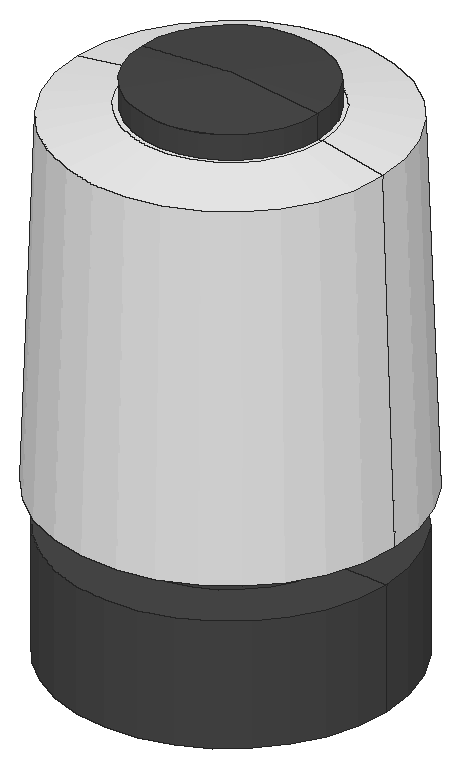
Revit family "TWA-K_RFA_1", category Pipe Accessories, Revit 2019
Family settings
  Round Connector Dimension = Use Diameter
  Part Type = Normal
  OmniClass Number = 23.65.55.14.17
  OmniClass Title = Adjusting/Controlling Valves for Liquid Services
  Work Plane-Based = No
  Always vertical = Yes
  Cut with Voids When Loaded = No
  Shared = Yes
Parameters (values of type "TWA-K_24V_NC_0.95m_088H3140")
  Weight = 0.13 kg
  W = L  # 40.50 mm
  Voltage [instance] = 24 V
  URL = "https://store.danfoss.com/en/Climate-Solutions-for-heating/Hydronic-floor-heating/Thermal-actuators/c/4218?q=%3Arelevance%3Adanfoss_producttypehierarchydesc%3ATWA-K%3Adanfoss_a1195338584%3AA1195_338584aed5a1b84b32adae464f9231043fe7cb&page=0&pageSize=10"
  Power [instance] = 2 VA  # constant formula
  Model Type = "TWA-K_24V_NC_0.95m"
  Model = "088H3140"
  Min Ambient Temperature = "0 °C"  # constant formula
  Max Ambient Temperature = "60 °C"  # constant formula
  Manufacturer = "Danfoss"  # constant formula
  LOD 350 [instance] = not(LOD 200)  # yes
  LOD 200 [instance] = no
  L = 40.50 mm  # constant formula
  IfcExportType = "TWA-K"  # constant formula
  IfcExportAs = "IfcActuatorType"  # constant formula
  H = 63.85 mm  # constant formula
  Function = "NC"
  Description = "Thermal Actuator"  # constant formula
  Control Input Signal = "On/Off"  # constant formula
  Connection = "M30 x 1.5"  # constant formula
  Closing and Opening Time = "3 min"  # constant formula
  Cable Length = 950.00 mm
  Body Material = Danfoss Plastic White
Types (9, lengths in mm): name | Weight | Voltage | Model Type | Model | Function | Cable Length
  TWA-K_24V_NC_0.95m_088H3140 | 0.13 kg | 24 V | "TWA-K_24V_NC_0.95m" | "088H3140" | "NC" | 950.00
  TWA-K_24V_NO_0.95m_088H3141 | 0.13 kg | 24 V | "TWA-K_24V_NO_0.95m" | "088H3141" | "NO" | 950.00
  TWA-K_230V_NC/S_0.95m_088H3105 | 0.136 kg | 230 V | "TWA-K_230V_NC/S_0.95m" | "088H3105" | "NC (with end-switch)" | 950.00
  TWA-K_230V_NC_0.95m_088H3142 | 0.125 kg | 230 V | "TWA-K_230V_NC_0.95m" | "088H3142" | "NC" | 950.00
  TWA-K_230V_NO_0.95m_088H3143 | 0.125 kg | 230 V | "TWA-K_230V_NO_0.95m" | "088H3143" | "NO" | 950.00
  TWA-K_24V_NC_5m_088H3146 | 0.276 kg | 24 V | "TWA-K_24V_NC_5m" | "088H3146" | "NC" | 5000.00
  TWA-K_24V_NC_10m_088H3149 | 0.455 kg | 24 V | "TWA-K_24V_NC_10m" | "088H3149" | "NC" | 10000.00
  TWA-K_230V_NC_5m_088H3148 | 0.285 kg | 230 V | "TWA-K_230V_NC_5m" | "088H3148" | "NC" | 5000.00
  TWA-K_230V_NC_10m_088H3147 | 0.457 kg | 230 V | "TWA-K_230V_NC_10m" | "088H3147" | "NC" | 10000.00
Reference planes
  plane 1 "Center (Front/Back)": y = 0
  plane 2: z = 0
  plane 3 "Center (Left/Right)": x = 0
  plane 4: z = 18.5
  plane 5: z = 63.85
  plane 6: z = 5
  plane 7: x = -20.25
  plane 8: x = 20.25
Forms (mm)
  Revolve 1, solid, material "Danfoss Plastic Black", visible <- "LOD 350", detail levels fine
    sketch origin (0, 0, 0) x (1, 0, 0) y (0, 0, 1)
      loop
        line (0, 63.85) -> (0, 0) -> (19.25, 0) -> (19.25, 14.029) -> (12.999, 14.029) -> (12.999, 18.5) -> (10.8, 18.5) -> (10.8, 62.963)
        arc (10.8, 62.963) -> (5.419, 63.644) -> (0, 63.85) r 61.779
      axis (0, 63.85) -> (0, 0)
    angle from 0 to 360
  Revolve 2, solid, material "Danfoss Plastic White" <- "Body Material", visible <- "LOD 350", detail levels fine
    sketch origin (0, 0, 0) x (1, 0, 0) y (0, 0, 1)
      loop
        line (0, 60.035) -> (-11.366, 60.217) -> (-18.836, 58.943) -> (-20.248, 18.5) -> (0, 18.5) -> (0, 60.035)
      axis (0, 18.5) -> (0, 60.217)
    angle from 0 to 360
  Revolve 3, solid, material "Danfoss Plastic White" <- "Body Material", visible <- "LOD 200", detail levels fine
    sketch origin (0, 0, 0) x (1, 0, 0) y (0, 0, 1)
      loop
        line (0, 60.341) -> (-20.3, 60.341) -> (-20.3, 18.5) -> (0, 18.5) -> (0, 60.341)
      axis (0, 18.5) -> (0, 60.341)
    angle from 0 to 360
  Revolve 4, solid, material "Danfoss Plastic Black", visible <- "LOD 200", detail levels fine
    sketch origin (0, 0, 0) x (1, 0, 0) y (0, 0, 1)
      loop
        line (0, 63.85) -> (0, 0) -> (19.25, 0) -> (19.25, 14.029) -> (12.999, 14.029) -> (12.999, 18.5) -> (10.8, 18.5) -> (10.8, 63.85) -> (0, 63.85)
      axis (0, 0) -> (0, 63.85)
    angle from 0 to 360
Dimensions and locks
  "H": plane 5 to level
  locked: plane 4 to plane 2 at 18.5
  plane 6 to plane 2 = 5.00 mm
  Revolve 1 sketch curve to plane 3 "Center (Left/Right)" = 10.80 mm
  plane 3 "Center (Left/Right)" to Revolve 1 sketch curve = 19.25 mm
  locked: plane 3 "Center (Left/Right)" to Revolve 2 sketch curve at 18.836
  locked: plane 3 "Center (Left/Right)" to Revolve 2 sketch curve at 11.366
  locked: plane 3 "Center (Left/Right)" to Revolve 3 sketch curve at 20.3
  equal spacing: plane 7, plane 3 "Center (Left/Right)", plane 8
  "L": plane 7 to plane 8
  angle Revolve 2 sketch curve to Revolve 2 sketch curve = 101.68°
  angle Revolve 2 sketch curve to Revolve 2 sketch curve = 169.401°
  aligned and locked: level to plane 2
  aligned and locked: Revolve 1 sketch curve to plane 3 "Center (Left/Right)"
  aligned and locked: Revolve 1 sketch curve to plane 2
  aligned and locked: plane 5 to Revolve 1 sketch curve
  aligned and locked: Revolve 1 sketch curve to Revolve 1 sketch curve
  aligned and locked: Revolve 2 sketch curve to plane 3 "Center (Left/Right)"
  aligned and locked: Revolve 2 sketch curve to Revolve 2 sketch curve
  aligned and locked: Revolve 3 sketch curve to plane 3 "Center (Left/Right)"
  aligned and locked: Revolve 3 sketch curve to Revolve 3 sketch curve
  aligned and locked: Revolve 2 to plane 4
  aligned and locked: Revolve 1 sketch curve to plane 4
  aligned and locked: Revolve 3 to plane 4
  aligned and locked: Revolve 4 sketch curve to plane 3 "Center (Left/Right)"
  aligned and locked: Revolve 4 sketch curve to plane 5
  aligned and locked: Revolve 4 sketch curve to level
  aligned and locked: Revolve 4 sketch curve to Revolve 4 sketch curve  (x2)
Automatic sketch dimensions
  Revolve 3 sketch curve to Revolve 3 sketch curve = 0.00 mm
  Revolve 3 sketch curve to plane 5 = 3.509 mm
  Revolve 1 sketch curve to level = 0.00 mm
  Revolve 1 sketch curve to plane 5 = 0.00 mm
  plane 3 "Center (Left/Right)" to Revolve 1 sketch curve = 0.362 mm
  Revolve 1 sketch curve to Revolve 1 sketch curve = 2.199 mm
  level to Revolve 1 sketch curve = 2.072 mm
  Revolve 1 sketch curve to plane 4 = 4.471 mm
  plane 4 to Revolve 3 sketch curve = 0.00 mm
  Revolve 3 sketch curve to Revolve 3 sketch curve = 12.70 mm
  Revolve 4 sketch curve to plane 4 = 0.00 mm
  plane 8 to Revolve 4 sketch curve = 9.45 mm
  Revolve 4 sketch curve to Revolve 4 sketch curve = 2.199 mm
  plane 8 to Revolve 4 sketch curve = 1.00 mm
  Revolve 4 sketch curve to plane 4 = 4.471 mm
  Revolve 4 sketch curve to Revolve 4 sketch curve = 6.15 mm
  Revolve 2 sketch curve to plane 4 = 0.00 mm
  Revolve 2 sketch curve to plane 7 = 0.002 mm
  Revolve 2 sketch curve to Revolve 2 sketch curve = 12.70 mm
  Revolve 2 sketch curve to Revolve 2 sketch curve = 0.00 mm
  Revolve 2 sketch curve to plane 5 = 3.815 mm
